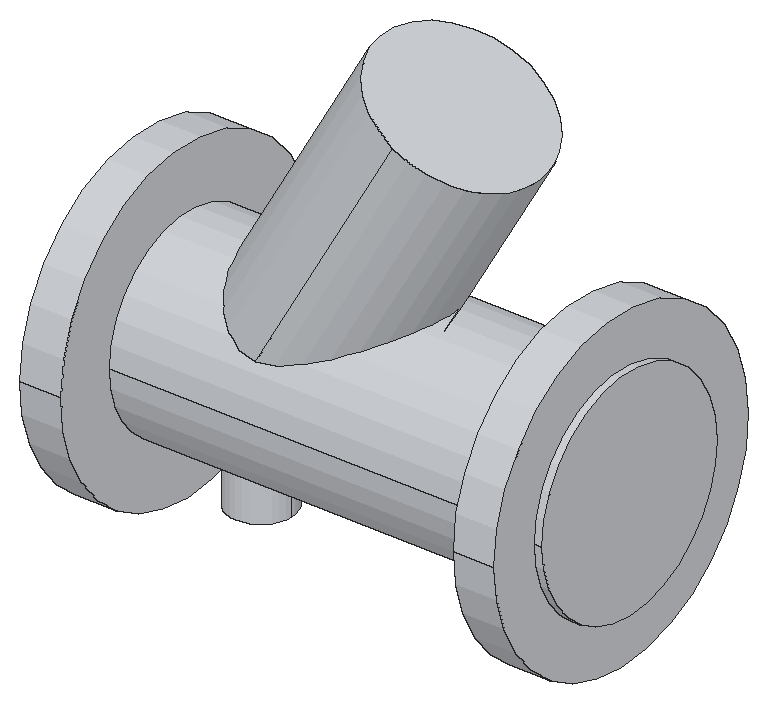
Revit family "HS 821-síto_jemné-PN40-DN080-RFA_2018", category Pipe Accessories, Revit 2018
Family settings
  Round Connector Dimension = Use Diameter
  Part Type = Breaks Into
  Work Plane-Based = No
  Always vertical = Yes
  Cut with Voids When Loaded = No
  Shared = No
Parameters (values of type "821F-DN080-PN40-síto_jemné")
  magiProductId = "689aa1e260f84cf4994f027a1d86b5"
  magiProductFamilyId = "79214ac3aaa945e397802f559f5c1e"
  magiPartTypeId = 307
  isMeasuringValve [instance] = no
  ang2D [instance] = 0.00°
  ZB__ve = -ZB  # -32 mm
  ZB1 = 55.89 mm
  ZB = 32 mm
  X2 = 104.753 mm
  X1 = 43.4 mm
  W2D = 15 mm
  VersionID = "2.0/2017.9.26.1/ZETKAMA_821_001"
  Use Minimum Symbol Size [instance] = yes
  URL = "www.hydronic.cz"
  Type Comments = "Filtr přírubový; síto jemné; A-PN16 (-10~300°C); D-PN25 (-10~350°C); F-PN40 (-10~400°C)"
  S = 138 mm
  QmdConnectorList = "301;D;302;D"
  Productdata [instance] = ""
  Manufacturer = "Hydronic Systems Prague s.r.o."
  MC Product Code = "250 680 (821F; DN080; PN40; kvs137,1; oko síta 0,63mm)"
  LM1 = 24.8 mm
  LM = 248 mm
  L4 = 77.5 mm
  L2D_Min = 3048 mm
  L2D = 130 mm
  L2 = 155 mm
  HH2 = 181.438 mm
  FD = 200 mm
  Description = "Filtr přírubový; síto jemné; 821A-PN16; 821D-PN25; 821F-PN40"
  DM1 = 107.4 mm
  DM = 124.2 mm
  D = 80 mm
  CC = 5.27 mm
  CAT0 = yes
  C1 = 25.73 mm
  C = 31 mm
  BD = 39.123 mm
Types (40, lengths in mm): name | magiProductId | ZB__ve | ZB1 | ZB | X2 | X1 | S | MC Product Code | LM1 | LM | L4 | L2 | HH2 | FD | DM1 | DM | D | CC | C1 | C | BD
  821A-DN015-PN16-síto_jemné | "a71bcfe8b393460598b23e8ddf7dc5" | -16.25 | 18.63 | 16.25 | 46.982 | 18.2 | 46 | "210 115 (821A; DN015; PN16; kvs6,2; oko síta 0,63mm)" | 10.4 | 104 | 32.5 | 65 | 81.375 | 95 | 27.6 | 41.4 | 15 | 2.21 | 10.79 | 13 | 13.041
  821A-DN020-PN16-síto_jemné | "41cd6c7a12924f4991217528336076" | -17.75 | 22.68 | 17.75 | 51.673 | 21 | 56 | "210 120 (821A; DN020; PN16; kvs9,6; oko síta 0,63mm)" | 12 | 120 | 37.5 | 75 | 89.5 | 105 | 33.6 | 50.4 | 20 | 2.55 | 12.45 | 15 | 15.876
  821A-DN025-PN16-síto_jemné | "be378b463ed14c3abf4c9b3ae8cf3a" | -19.25 | 26.325 | 19.25 | 58.601 | 22.4 | 65 | "210 125 (821A; DN025; PN16; kvs14,2; oko síta 0,63mm)" | 12.8 | 128 | 40 | 80 | 101.5 | 115 | 43.2 | 58.5 | 25 | 2.72 | 13.28 | 16 | 18.427
  821A-DN032-PN16-síto_jemné | "227a0d18b21540afabe8b6067d35fa" | -23 | 30.78 | 23 | 68.849 | 25.2 | 76 | "210 132 (821A; DN032; PN16; kvs23,1; oko síta 0,63mm)" | 14.4 | 144 | 45 | 90 | 119.25 | 140 | 50.4 | 68.4 | 32 | 3.06 | 14.94 | 18 | 21.546
  821A-DN040-PN16-síto_jemné | "d106917c74724141a10440112d0102" | -24.5 | 34.02 | 24.5 | 75.777 | 28 | 84 | "210 140 (821A; DN040; PN16; kvs36,6; oko síta 0,63mm)" | 16 | 160 | 50 | 100 | 131.25 | 150 | 60 | 75.6 | 40 | 3.4 | 16.6 | 20 | 23.814
  821A-DN050-PN16-síto_jemné | "8255d456a09e4f6486734f5dd9171b" | -26.75 | 40.095 | 26.75 | 79.061 | 32.2 | 99 | "210 150 (821A; DN050 PN16; kvs53,7; oko síta 0,63mm)" | 18.4 | 184 | 57.5 | 115 | 136.938 | 165 | 73.8 | 89.1 | 50 | 3.91 | 19.09 | 23 | 28.066
  821A-DN065-PN16-síto_jemné | "235b1b3e4c0843779a4d5e3716d40a" | -29.75 | 47.79 | 29.75 | 86.927 | 40.6 | 118 | "210 165 (821A; DN065; PN16; kvs95,1; oko síta 0,63mm)" | 23.2 | 232 | 72.5 | 145 | 150.562 | 185 | 94.2 | 106.2 | 65 | 4.93 | 24.07 | 29 | 33.453
  821A-DN080-PN16-síto_jemné | "a067f7c5236348ed8c820d16df7214" | -32 | 53.46 | 32 | 104.753 | 43.4 | 132 | "210 180 (821A; DN080; PN16; kvs137,1; oko síta 0,63mm)" | 24.8 | 248 | 77.5 | 155 | 181.438 | 200 | 107.4 | 118.8 | 80 | 5.27 | 25.73 | 31 | 37.422
  821A-DN100-PN16-síto_jemné | "c49a648c2747461285837d643703cd" | -35 | 63.18 | 35 | 114.857 | 49 | 156 | "210 190 (821A; DN100; PN16; kvs206,4; oko síta 0,63mm)" | 28 | 280 | 87.5 | 175 | 198.937 | 220 | 131.4 | 140.4 | 100 | 5.95 | 29.05 | 35 | 44.226
  821A-DN125-PN16-síto_jemné | "bf68e728a163493cbd2a663b26ebdc" | -39.5 | 74.52 | 39.5 | 131.888 | 56 | 184 | "210 191 (821A; DN125; PN16; kvs268,8; oko síta 0,63mm)" | 32 | 320 | 100 | 200 | 228.438 | 250 | 165 | 165.6 | 125 | 6.8 | 33.2 | 40 | 52.164
  821A-DN150-PN16-síto_jemné | "2de770284b654863ae6bc865769dc5" | -44.75 | 85.455 | 44.75 | 155.885 | 67.2 | 211 | "210 192 (821A; DN150; PN16; kvs401,4; oko síta 0,63mm)" | 38.4 | 384 | 120 | 240 | 270 | 285 | 192 | 189.9 | 150 | 8.16 | 39.84 | 48 | 59.818
  821A-DN200-PN16-síto_jemné | "8e5693371ab64aabb29a7f08c76e15" | -53 | 107.73 | 53 | 188.361 | 84 | 266 | "210 193 (821A; DN200; PN16; kvs706,7; oko síta 0,63mm)" | 48 | 480 | 150 | 300 | 326.25 | 340 | 252 | 239.4 | 200 | 10.2 | 49.8 | 60 | 75.411
  821A-DN250-PN16-síto_jemné | "05e37ed948c34047acdd4c42556504" | -62.75 | 129.195 | 62.75 | 255.911 | 102.2 | 319 | "210 194 (821A; DN250; PN16; kvs1229,4; oko síta 0,63mm)" | 58.4 | 584 | 182.5 | 365 | 443.25 | 405 | 309.6 | 287.1 | 250 | 12.41 | 60.59 | 73 | 90.436
  821A-DN300-PN16-síto_jemné | "9ad0af747269428da925480d83ce80" | -71 | 149.85 | 71 | 325.914 | 119 | 370 | "210 195 (821A; DN300; PN16; kvs1902,4; oko síta 0,63mm)" | 68 | 680 | 212.5 | 425 | 564.5 | 460 | 369.6 | 333 | 300 | 14.45 | 70.55 | 85 | 104.895
  821A-DN350-PN16-síto_jemné | "eebc71459bb3451bb4355e7951370a" | -80 | 173.745 | 80 | 356.875 | 137.2 | 429 | "200 196 (821A; DN350; PN16; kvs2611,0; oko síta 0,63mm)" | 78.4 | 784 | 245 | 490 | 618.125 | 520 | 438 | 386.1 | 350 | 16.66 | 81.34 | 98 | 121.621
  821A-DN400-PN16-síto_jemné | "d2f677cb196647e385b2590e7d8abe" | -89 | 194.4 | 89 | 392.237 | 154 | 480 | "210 197 (821A; DN400; PN16; kvs3438,4; oko síta 0,63mm)" | 88 | 880 | 275 | 550 | 679.375 | 580 | 498 | 432 | 400 | 18.7 | 91.3 | 110 | 136.08
  821D-DN015-PN25-síto_jemné | "27ddcbf555414f8ca1fde329bf9087" | -16.25 | 18.63 | 16.25 | 46.982 | 18.2 | 46 | "210 215 (821D; DN015; PN25; kvs6,2; oko síta 0,63mm)" | 10.4 | 104 | 32.5 | 65 | 81.375 | 95 | 27.6 | 41.4 | 15 | 2.21 | 10.79 | 13 | 13.041
  821D-DN020-PN25-síto_jemné | "270e0f14012f47189cd0235c18faee" | -17.75 | 22.68 | 17.75 | 51.673 | 21 | 56 | "210 220 (821D; DN020; PN25; kvs9,6; oko síta 0,63mm)" | 12 | 120 | 37.5 | 75 | 89.5 | 105 | 33.6 | 50.4 | 20 | 2.55 | 12.45 | 15 | 15.876
  821D-DN025-PN25-síto_jemné | "b9a7fb4aa36643878c637d8e1ab992" | -19.25 | 26.325 | 19.25 | 58.601 | 22.4 | 65 | "210 225 (821D; DN025; PN25; kvs14,2; oko síta 0,63mm)" | 12.8 | 128 | 40 | 80 | 101.5 | 115 | 43.2 | 58.5 | 25 | 2.72 | 13.28 | 16 | 18.427
  821D-DN032-PN25-síto_jemné | "6be9a55c4e68400f94eec7e804204c" | -23 | 30.78 | 23 | 68.849 | 25.2 | 76 | "210 232 (821D; DN032; PN25; kvs23,1; oko síta 0,63mm)" | 14.4 | 144 | 45 | 90 | 119.25 | 140 | 50.4 | 68.4 | 32 | 3.06 | 14.94 | 18 | 21.546
  821D-DN040-PN25-síto_jemné | "c54511bd7f584ec2984291479612cb" | -24.5 | 34.02 | 24.5 | 75.777 | 28 | 84 | "210 240 (821D; DN040; PN25; kvs36,6; oko síta 0,63mm)" | 16 | 160 | 50 | 100 | 131.25 | 150 | 60 | 75.6 | 40 | 3.4 | 16.6 | 20 | 23.814
  821D-DN050-PN25-síto_jemné | "5483b1f596b04cd39b23a14a22c90e" | -26.75 | 40.095 | 26.75 | 79.061 | 32.2 | 99 | "210 250 (821D; DN050; PN25; kvs53,7; oko síta 0,63mm)" | 18.4 | 184 | 57.5 | 115 | 136.938 | 165 | 73.8 | 89.1 | 50 | 3.91 | 19.09 | 23 | 28.066
  821D-DN065-PN25-síto_jemné | "767b0f8318e94750bc7a9930ed5b30" | -29.75 | 47.79 | 29.75 | 86.927 | 40.6 | 118 | "210 265 (821D; DN065; PN25; kvs95,1; oko síta 0,63mm)" | 23.2 | 232 | 72.5 | 145 | 150.562 | 185 | 94.2 | 106.2 | 65 | 4.93 | 24.07 | 29 | 33.453
  821D-DN080-PN25-síto_jemné | "e21040fa3cc2404b858198f6b73709" | -32 | 53.46 | 32 | 104.753 | 43.4 | 132 | "210 280 (821D; DN080; PN25; kvs137,1; oko síta 0,63mm)" | 24.8 | 248 | 77.5 | 155 | 181.438 | 200 | 107.4 | 118.8 | 80 | 5.27 | 25.73 | 31 | 37.422
  821D-DN100-PN25-síto_jemné | "175ca87a506b40b3bc6b82f12f33cf" | -37.25 | 63.18 | 37.25 | 114.857 | 49 | 156 | "210 290 (821D; DN100; PN25; kvs206,4; oko síta 0,63mm)" | 28 | 280 | 87.5 | 175 | 198.937 | 235 | 131.4 | 140.4 | 100 | 5.95 | 29.05 | 35 | 44.226
  821D-DN125-PN25-síto_jemné | "77cc98d60da24855999a22dff726b2" | -42.5 | 74.52 | 42.5 | 131.888 | 56 | 184 | "210 291 (821D; DN125; PN25; kvs268,8; oko síta 0,63mm)" | 32 | 320 | 100 | 200 | 228.438 | 270 | 165 | 165.6 | 125 | 6.8 | 33.2 | 40 | 52.164
  821D-DN150-PN25-síto_jemné | "9cf8acfcd15547d68e83172d3abcbe" | -47 | 85.455 | 47 | 155.885 | 67.2 | 211 | "210 292 (821D; DN150; PN25; kvs401,4; oko síta 0,63mm)" | 38.4 | 384 | 120 | 240 | 270 | 300 | 192 | 189.9 | 150 | 8.16 | 39.84 | 48 | 59.818
  821D-DN200-PN25-síto_jemné | "16973f3c9ea14389ba8602495a6b64" | -56 | 110.97 | 56 | 188.361 | 84 | 274 | "210 293 (821D; DN200; PN25; kvs706,7; oko síta 0,63mm)" | 48 | 480 | 150 | 300 | 326.25 | 360 | 252 | 246.6 | 200 | 10.2 | 49.8 | 60 | 77.679
  821F-DN015-PN40-síto_jemné | "4c7eaf3c4c0340888b3e684d8a8616" | -16.25 | 18.225 | 16.25 | 46.982 | 18.2 | 45 | "250 615 (821F; DN015; PN40; kvs6,2; oko síta 0,63mm)" | 10.4 | 104 | 32.5 | 65 | 81.375 | 95 | 27.6 | 40.5 | 15 | 2.21 | 10.79 | 13 | 12.757
  821F-DN020-PN40-síto_jemné | "aaac5f1ec96b44d6ba96ac2293d66d" | -17.75 | 23.49 | 17.75 | 51.673 | 21 | 58 | "250 620 (821F; DN020; PN40; kvs9,6; oko síta 0,63mm)" | 12 | 120 | 37.5 | 75 | 89.5 | 105 | 33.6 | 52.2 | 20 | 2.55 | 12.45 | 15 | 16.443
  821F-DN025-PN40-síto_jemné | "504768023968471481789485b54c7e" | -19.25 | 27.54 | 19.25 | 58.601 | 22.4 | 68 | "250 625 (821F; DN025; PN40; kvs14,2; oko síta 0,63mm)" | 12.8 | 128 | 40 | 80 | 101.5 | 115 | 43.2 | 61.2 | 25 | 2.72 | 13.28 | 16 | 19.278
  821F-DN032-PN40-síto_jemné | "165e7f39cf744f329bdf1c400dad12" | -23 | 31.59 | 23 | 68.849 | 25.2 | 78 | "250 632 (821F; DN032; PN40; kvs23,1; oko síta 0,63mm)" | 14.4 | 144 | 45 | 90 | 119.25 | 140 | 50.4 | 70.2 | 32 | 3.06 | 14.94 | 18 | 22.113
  821F-DN040-PN40-síto_jemné | "b8903f952089408fbf3a5a632bab1f" | -24.5 | 35.64 | 24.5 | 75.777 | 28 | 88 | "250 640 (821F; DN040; PN40; kvs36,6; oko síta 0,63mm)" | 16 | 160 | 50 | 100 | 131.25 | 150 | 60 | 79.2 | 40 | 3.4 | 16.6 | 20 | 24.948
  821F-DN050-PN40-síto_jemné | "c451f97266fe48da8f879cb6a2bd44" | -26.75 | 41.31 | 26.75 | 79.061 | 32.2 | 102 | "250 650 (821F; DN050; PN40; kvs53,7; oko síta 0,63mm)" | 18.4 | 184 | 57.5 | 115 | 136.938 | 165 | 73.8 | 91.8 | 50 | 3.91 | 19.09 | 23 | 28.917
  821F-DN065-PN40-síto_jemné | "dc9821e3f9b34e128f6a8c6b34c198" | -29.75 | 49.41 | 29.75 | 86.927 | 40.6 | 122 | "250 665 (821F; DN065; PN40; kvs95,1; oko síta 0,63mm)" | 23.2 | 232 | 72.5 | 145 | 150.562 | 185 | 94.2 | 109.8 | 65 | 4.93 | 24.07 | 29 | 34.587
  821F-DN080-PN40-síto_jemné | "689aa1e260f84cf4994f027a1d86b5" | -32 | 55.89 | 32 | 104.753 | 43.4 | 138 | "250 680 (821F; DN080; PN40; kvs137,1; oko síta 0,63mm)" | 24.8 | 248 | 77.5 | 155 | 181.438 | 200 | 107.4 | 124.2 | 80 | 5.27 | 25.73 | 31 | 39.123
  821F-DN100-PN40-síto_jemné | "8a45d4e8e2ab425f8c432f21d684f3" | -37.25 | 65.61 | 37.25 | 114.857 | 49 | 162 | "250 690 (821F; DN100; PN40; kvs206,4; oko síta 0,63mm)" | 28 | 280 | 87.5 | 175 | 198.937 | 235 | 131.4 | 145.8 | 100 | 5.95 | 29.05 | 35 | 45.927
  821F-DN125-PN40-síto_jemné | "cf073904c006406b8645afa67ea2fc" | -42.5 | 76.14 | 42.5 | 131.888 | 56 | 188 | "250 691 (821F; DN125; PN40; kvs268,8; oko síta 0,63mm)" | 32 | 320 | 100 | 200 | 228.438 | 270 | 165 | 169.2 | 125 | 6.8 | 33.2 | 40 | 53.298
  821F-DN150-PN40-síto_jemné | "0153b9ddabe14992a630484929fdbc" | -47 | 88.29 | 47 | 155.885 | 67.2 | 218 | "250 692 (821F; DN150; PN40; kvs401,4; oko síta 0,63mm)" | 38.4 | 384 | 120 | 240 | 270 | 300 | 192 | 196.2 | 150 | 8.16 | 39.84 | 48 | 61.803
  821F-DN200-PN40-síto_jemné | "7fb3fc01dd8d42428c203e3f8dd4d5" | -56 | 115.425 | 56 | 188.361 | 84 | 285 | "250 693 (821F; DN200; PN40; kvs706,7; oko síta 0,63mm)" | 48 | 480 | 150 | 300 | 326.25 | 360 | 252 | 256.5 | 200 | 10.2 | 49.8 | 60 | 80.797
Reference planes
  plane 1 "Center (Front/Back)": y = 0
  plane 2 "XYPLANE": z = 0
  plane 3 "Center (Left/Right)": x = 0
  plane 4 "109": x = -99.2
  plane 5 "108": x = 124
  plane 6 "107": x = -124
  plane 7 "105": x = 155
  plane 8 "104": x = -155
  plane 9 "103": y = 0
  plane 10 "102": z = 0
  plane 11 "101": x = -149.73
  plane 12 "100": x = 149.73
  plane 13 "11": x = -55.8
  plane 14 "10": z = 181.438
  plane 15 "9": x = 48.953
  plane 16 "5": z = -55.89
  plane 17 "4": x = -77.5
  plane 18 "1": x = 77.5
Forms (mm)
  Extrusion 1, solid, visible <- "CAT0"
    sketch origin (-124, -750, 0) x (0, 1, 0) y (0, 0, 1)
      loop
        circle (750, 0) r 62.1
    from 0 to 248 <- "LM"
  Extrusion 2, solid
    sketch origin (-155, -750, 0) x (0, 1, 0) y (0, 0, 1)
      loop
        circle (750, 0) r 69
    from 0 to 5.27 <- "CC"
  Extrusion 3, solid
    sketch origin (-149.73, -750, 0) x (0, 1, 0) y (0, 0, 1)
      loop
        circle (750, 0) r 100
    from 0 to 25.73 <- "C1"
  Extrusion 4, solid
    sketch origin (124, -750, 0) x (0, 1, 0) y (0, 0, 1)
      loop
        circle (750, 0) r 100
    from 0 to 25.73 <- "C1"
  Extrusion 5, solid
    sketch origin (149.73, -750, 0) x (0, 1, 0) y (0, 0, 1)
      loop
        circle (750, 0) r 69
    from 0 to 5.27 <- "CC"
  Sweep 6, solid, visible <- "CAT0"
    path origin (750, 0, 0) x (-1, 0, 0) y (0, 0, 1)
      loop
        line (874, 0) -> (805.8, 0) -> (701.047, 181.438)
    profile origin (-124, 0, 0) x (0, 0, -1) y (0, 1, 0)
      loop
        circle (0, 0) r 53.7
  Extrusion 7, solid, visible <- "CAT0"
    sketch origin (-750, 0, -55.89) x (1, 0, 0) y (0, 1, 0)
      loop
        circle (672.5, 0) r 19.561
    from 0 to -32 <- "ZB__ve"
  Extrusion 8, solid, visible <- "CAT0"
    sketch origin (-750, 0, -55.89) x (1, 0, 0) y (0, 1, 0)
      loop
        circle (827.5, 0) r 19.561
    from 0 to -32 <- "ZB__ve"
  Extrusion 9, solid, not visible
    sketch origin (155, -750, 0) x (0, 1, 0) y (0, 0, 1)
      loop
        circle (750, 0) r 10
    from 0 to -10
  Extrusion 10, solid, not visible
    sketch origin (-155, -750, 0) x (0, 1, 0) y (0, 0, 1)
      loop
        circle (750, 0) r 10
    from 0 to 10
Lines and regions (mm)
  reference lines, not visible
    curve 1: circle (2, 2, 0) r 1 normal (0, 0, 1)
Dimensions and locks
  plane 1 "Center (Front/Back)" to curve 1 = 2 mm
  "LM1": plane 6 "107" to plane 4 "109"
  "LM": plane 6 "107" to plane 5 "108"
  "C": plane 8 "104" to plane 6 "107"
  "L2": plane 3 "Center (Left/Right)" to plane 7 "105"
  "L2": plane 3 "Center (Left/Right)" to plane 8 "104"
  locked: plane 1 "Center (Front/Back)" to plane 9 "103"
  locked: plane 2 "XYPLANE" to plane 10 "102"
  "CC": plane 8 "104" to plane 11 "101"
  "C1": plane 5 "108" to plane 12 "100"
  "X1": plane 4 "109" to plane 13 "11"
  "HH2": plane 2 "XYPLANE" to plane 14 "10"
  "X2": plane 13 "11" to plane 15 "9"
  "ZB1": plane 2 "XYPLANE" to plane 16 "5"
  "L4": plane 8 "104" to plane 17 "4"
  "L2": plane 17 "4" to plane 18 "1"
  Sweep 6 sketch curve to Sweep 6 sketch curve = 0 mm  (x2)
  "DM": diameter of Extrusion 1 sketch curve
  "S": diameter of Extrusion 2 sketch curve
  "FD": diameter of Extrusion 3 sketch curve
  "FD": diameter of Extrusion 4 sketch curve
  "S": diameter of Extrusion 5 sketch curve
  "DM1": diameter of Sweep 6 sketch curve
  "BD": diameter of Extrusion 7 sketch curve
  "BD": diameter of Extrusion 8 sketch curve
  aligned and locked: level to plane 2 "XYPLANE"
  aligned and locked: Extrusion 1 sketch curve to plane 9 "103"
  aligned and locked: plane 10 "102" to Extrusion 1 sketch curve
  aligned and locked: Extrusion 2 sketch curve to plane 9 "103"
  aligned and locked: plane 10 "102" to Extrusion 2 sketch curve
  aligned and locked: Extrusion 3 sketch curve to plane 9 "103"
  aligned and locked: plane 10 "102" to Extrusion 3 sketch curve
  aligned and locked: Extrusion 4 sketch curve to plane 9 "103"
  aligned and locked: plane 10 "102" to Extrusion 4 sketch curve
  aligned and locked: Extrusion 5 sketch curve to plane 9 "103"
  aligned and locked: plane 10 "102" to Extrusion 5 sketch curve
  aligned and locked: Sweep 6 sketch curve to plane 9 "103"
  aligned and locked: plane 10 "102" to Sweep 6 sketch curve  (x3)
  aligned and locked: plane 6 "107" to Sweep 6 sketch curve
  aligned and locked: plane 13 "11" to Sweep 6 sketch curve
  aligned and locked: plane 14 "10" to Sweep 6 sketch curve
  aligned and locked: plane 15 "9" to Sweep 6 sketch curve
  aligned and locked: plane 9 "103" to Extrusion 7 sketch curve
  aligned and locked: plane 17 "4" to Extrusion 7 sketch curve
  aligned and locked: plane 9 "103" to Extrusion 8 sketch curve
  aligned and locked: plane 18 "1" to Extrusion 8 sketch curve
  aligned and locked: Extrusion 9 sketch curve to plane 9 "103"
  aligned and locked: plane 10 "102" to Extrusion 9 sketch curve
  aligned and locked: Extrusion 10 sketch curve to plane 9 "103"
  aligned and locked: plane 10 "102" to Extrusion 10 sketch curve
Automatic sketch dimensions
  plane 1 "Center (Front/Back)" to Extrusion 9 sketch curve = 10 mm
  plane 1 "Center (Front/Back)" to Extrusion 10 sketch curve = 10 mm
  plane 3 "Center (Left/Right)" to curve 1 = 2 mm
  radius of curve 1 = 1 mm
Connectors
  piping at (-155, 0, 0), diameter 80, driven by "D"
    settings: on Extrusion 10, index 1, connector inside diameter 609.6 mm, connector length 0 mm, flow factor 0, pipe flow 0.0 L/s, pressure drop 0.0 Pa, fitting loss kfactor 0, connector angle 0.00°, fixture units 0, engagement length 0 mm, angle of deflection 0.00°, flow configuration 0, flow direction 0, fitting loss method 0, system type 29, joint type 0, gender type 0, connector reference index 2, connector utility 0, adjustable connector no, is connector primary yes, connector description ""
  piping at (155, 0, 0), diameter 80, driven by "D"
    settings: on Extrusion 9, index 2, connector inside diameter 609.6 mm, connector length 0 mm, flow factor 0, pipe flow 0.0 L/s, pressure drop 0.0 Pa, fitting loss kfactor 0, connector angle 0.00°, fixture units 0, engagement length 0 mm, angle of deflection 0.00°, flow configuration 0, flow direction 0, fitting loss method 0, system type 29, joint type 0, gender type 0, connector reference index 1, connector utility 0, adjustable connector no, is connector primary no, connector description ""
